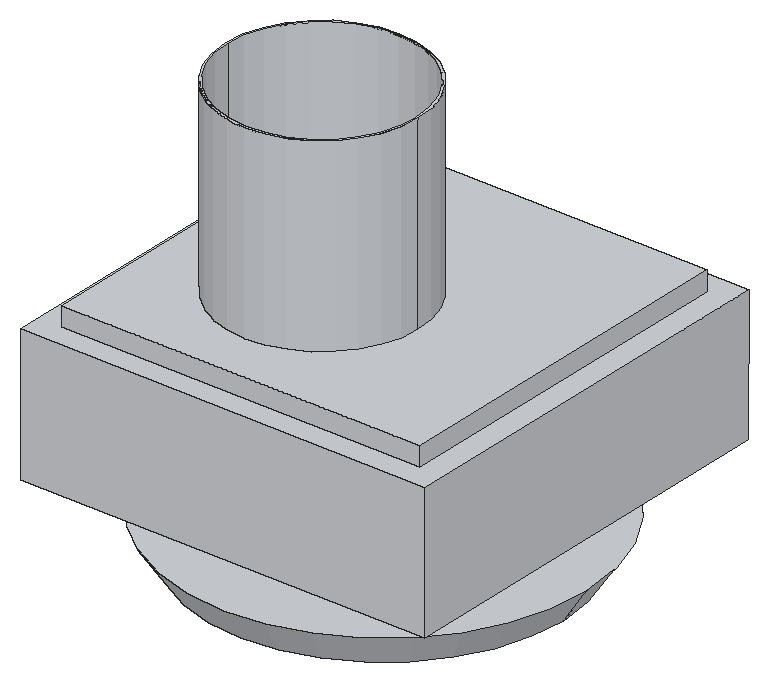
Revit family "57_CRD_ME_BKT_fan", category Mechanical Equipment, Revit 2020
Family settings
  Round Connector Dimension = Use Diameter
  Part Type = Normal
  OmniClass Number = 23.75.00.00
  OmniClass Title = Climate Control (HVAC)
  Work Plane-Based = Yes
  Always vertical = Yes
  Cut with Voids When Loaded = No
  Shared = No
  Room Calculation Point = Yes
Parameters (values of type "BKT fan plafondmodel")
  wandmodel = not(plafondmodel)  # no
  plafondmodel = yes
  maximaal_debiet_Ls [instance] = 23.61 m³  # constant formula
  materiaal = none
  hoogte = 210 mm
  diepte_unit = 70 mm  # constant formula
  diepte_terugslagklep = 53 mm
  diepte_achterplaat = 10 mm  # constant formula
  diepte = 122 mm
  diameter_terugslagklep = 98 mm  # constant formula
  debiet [instance] = 0.0 L/s
  breedte = 210 mm
  Voltage = 230 V
  Power = 15 VA
  Model = "BKT fan"  # constant formula
  Manufacturer = "ClimaRad"  # constant formula
  IfcExportType = "NOTDEFINED"  # constant formula
  IfcExportAs = "IfcAirTerminalBoxType"  # constant formula
  Default Elevation = 1219.2 mm
Types (3, lengths in mm): name | wandmodel | plafondmodel
  (no name) | no | yes
  BKT fan wandmodel | yes | no
  BKT fan plafondmodel | no | yes
Reference planes
  plane 1 "Center (Front/Back)": y = 0
  plane 2: z = 0
  plane 3 "Center (Left/Right)": x = 0
  plane 4: x = -105
  plane 5: x = 105
  plane 6: z = -105
  plane 7: z = 105
  plane 8: y = -10
  plane 9 "front1": y = -80
  plane 10 "voorkant": y = -122
  plane 11: y = 53
  plane 12: z = 18
  plane 13: x = -18
  plane 14 "front2": y = -98
  plane 15 "unit plafondmodel": z = -10
  plane 16 "front 3": z = -80
  plane 17 "front 4": z = -98
  plane 18 "voorkant plafondmodel": z = -122
  plane 19: z = 98
  plane 20: y = 105
  plane 21: y = -105
Forms (mm)
  Extrusion 1, solid, material <- "materiaal", visible <- "wandmodel"
    sketch origin (0, 0, 0) x (1, 0, 0) y (0, 0, 1)
      loop
        circle (-18, 18) r 49
      loop
        circle (-18, 18) r 50
    from 0 to -53
  Extrusion 2, solid, material <- "materiaal", visible <- "wandmodel"
    sketch origin (0, 0, 0) x (1, 0, 0) y (0, 0, 1)
      loop
        line (-105, 105) -> (-105, -105) -> (105, -105) -> (105, 105) -> (-105, 105)
    from 10 to 80
  Blend 3, solid, material <- "materiaal", visible <- "wandmodel"
    base sketch origin (0, -80, 0) x (-1, 0, 0) y (0, 0, 1)
      loop
        line (105, 105) -> (-105, 105) -> (-105, -105) -> (105, -105) -> (105, 105)
    top sketch origin (0, -80, 0) x (-1, 0, 0) y (0, 0, 1)
      loop
        line (76, 76) -> (-40, 76) -> (-40, -40) -> (76, -40) -> (76, 76)
    from 0 to -18
  Blend 4, solid, material <- "materiaal", visible <- "wandmodel"
    base sketch origin (0, -122, 0) x (-1, 0, 0) y (0, 0, 1)
      loop
        circle (0, 0) r 93
    top sketch origin (0, -122, 0) x (-1, 0, 0) y (0, 0, 1)
      loop
        circle (0, 0) r 105
    from 0 to 18
  Extrusion 5, solid, material <- "materiaal", visible <- "wandmodel"
    sketch origin (0, 0, 0) x (1, 0, 0) y (0, 0, 1)
      loop
        line (-93, 93) -> (-93, -93) -> (93, -93) -> (93, 93) -> (-93, 93)
    from 0 to 10
  Extrusion 6, solid, material <- "materiaal", visible <- "plafondmodel"
    sketch origin (0, 0, 0) x (1, 0, 0) y (0, 1, 0)
      loop
        line (-93, 93) -> (-93, -93) -> (93, -93) -> (93, 93) -> (-93, 93)
    from 0 to -10
  Extrusion 7, solid, material <- "materiaal"
    sketch origin (0, 0, -10) x (-1, 0, 0) y (0, -1, 0)
      loop
        line (105, -105) -> (105, 105) -> (-105, 105) -> (-105, -105) -> (105, -105)
    from 0 to -70
  Blend 8, solid, material <- "materiaal", visible <- "plafondmodel"
    base sketch origin (0, 0, -80) x (-1, 0, 0) y (0, -1, 0)
      loop
        line (105, -105) -> (105, 105) -> (-105, 105) -> (-105, -105) -> (105, -105)
    top sketch origin (0, 0, -80) x (-1, 0, 0) y (0, -1, 0)
      loop
        line (76, -40) -> (76, 76) -> (-40, 76) -> (-40, -40) -> (76, -40)
    from 0 to -18
  Blend 9, solid, material <- "materiaal", visible <- "plafondmodel"
    base sketch origin (0, 0, -122) x (-1, 0, 0) y (0, -1, 0)
      loop
        circle (0, 0) r 93
    top sketch origin (0, 0, -122) x (-1, 0, 0) y (0, -1, 0)
      loop
        circle (0, 0) r 105
    from 0 to 18
  Extrusion 10, solid, material <- "materiaal", visible <- "plafondmodel"
    sketch origin (0, -18, 0) x (1, 0, 0) y (0, 1, 0)
      loop
        circle (-18, 0) r 50
      loop
        circle (-18, 0) r 49
    from 0 to 98
Dimensions and locks
  equal spacing: plane 5, plane 3 "Center (Left/Right)", plane 4
  "breedte": plane 5 to plane 4
  equal spacing: plane 7, plane 2, plane 6
  "hoogte": plane 7 to plane 6
  "diepte_achterplaat": plane 1 "Center (Front/Back)" to plane 8
  "diepte_unit": plane 8 to plane 9 "front1"
  "diepte": plane 1 "Center (Front/Back)" to plane 10 "voorkant"
  "diepte_terugslagklep": plane 11 to plane 1 "Center (Front/Back)"
  plane 12 to plane 2 = 18 mm
  locked: plane 3 "Center (Left/Right)" to plane 13 at 18
  locked: plane 9 "front1" to plane 14 "front2" at 18
  "diameter_terugslagklep": plane 19 to plane 2
  "diepte_achterplaat": plane 2 to plane 15 "unit plafondmodel"
  "diepte_unit": plane 15 "unit plafondmodel" to plane 16 "front 3"
  locked: plane 16 "front 3" to plane 17 "front 4" at 18
  "diepte": plane 2 to plane 18 "voorkant plafondmodel"
  equal spacing: plane 21, plane 1 "Center (Front/Back)", plane 20
  "hoogte": plane 20 to plane 21
  locked: plane 4 to Extrusion 6 sketch curve at 12
  locked: Extrusion 6 sketch curve to plane 20 at 12
  locked: Extrusion 6 sketch curve to plane 5 at 12
  locked: Extrusion 6 sketch curve to plane 21 at 12
  "diameter_terugslagklep": diameter of Extrusion 1 sketch curve
  "diameter_terugslagklep": diameter of Extrusion 10 sketch curve
  aligned and locked: level to plane 2
  aligned and locked: plane 11 to Extrusion 1
  aligned and locked: plane 7 to Extrusion 2 sketch curve
  aligned and locked: plane 4 to Extrusion 2 sketch curve
  aligned and locked: plane 6 to Extrusion 2 sketch curve
  aligned and locked: plane 5 to Extrusion 2 sketch curve
  aligned and locked: Extrusion 2 to plane 9 "front1"
  aligned and locked: plane 5 to Blend 3 sketch curve
  aligned and locked: plane 7 to Blend 3 sketch curve
  aligned and locked: plane 4 to Blend 3 sketch curve
  aligned and locked: plane 6 to Blend 3 sketch curve
  aligned and locked: plane 8 to Extrusion 2
  aligned and locked: Extrusion 5 to plane 8
  aligned and locked: Extrusion 6 to plane 15 "unit plafondmodel"
  aligned and locked: plane 5 to Extrusion 7 sketch curve
  aligned and locked: plane 4 to Extrusion 7 sketch curve
  aligned and locked: Extrusion 7 sketch curve to plane 20
  aligned and locked: plane 21 to Extrusion 7 sketch curve
  aligned and locked: Extrusion 7 to plane 16 "front 3"
  aligned and locked: plane 5 to Blend 8 sketch curve
  aligned and locked: Blend 8 sketch curve to plane 20
  aligned and locked: plane 4 to Blend 8 sketch curve
  aligned and locked: plane 21 to Blend 8 sketch curve
  aligned and locked: plane 19 to Extrusion 10
Automatic sketch dimensions
  plane 3 "Center (Left/Right)" to Blend 3 sketch curve = 40 mm
  plane 4 to Blend 3 sketch curve = 29 mm
  Blend 3 sketch curve to level = 40 mm
  plane 7 to Blend 3 sketch curve = 29 mm
  Blend 4 sketch curve to level = 0 mm  (x2)
  Blend 4 sketch curve to plane 3 "Center (Left/Right)" = 0 mm  (x2)
  plane 4 to Extrusion 5 sketch curve = 12 mm
  plane 5 to Extrusion 5 sketch curve = 12 mm
  plane 6 to Extrusion 5 sketch curve = 12 mm
  plane 7 to Extrusion 5 sketch curve = 12 mm
  Blend 8 sketch curve to plane 20 = 65 mm
  plane 4 to Blend 8 sketch curve = 29 mm
  plane 3 "Center (Left/Right)" to Blend 8 sketch curve = 40 mm
  Blend 8 sketch curve to plane 8 = 66 mm
  plane 1 "Center (Front/Back)" to Blend 9 sketch curve = 0 mm  (x2)
  Blend 9 sketch curve to plane 3 "Center (Left/Right)" = 0 mm  (x2)
  Extrusion 1 sketch curve to Extrusion 1 sketch curve = 0 mm  (x2)
  Extrusion 1 sketch curve to plane 12 = 0 mm
  Extrusion 1 sketch curve to plane 13 = 0 mm
  Extrusion 10 sketch curve to Extrusion 10 sketch curve = 0 mm  (x2)
  Extrusion 10 sketch curve to plane 13 = 0 mm
  Extrusion 10 sketch curve to plane 8 = 8 mm
  radius of Blend 4 sketch curve = 93 mm
  radius of Blend 4 sketch curve = 105 mm
  radius of Blend 9 sketch curve = 93 mm
  radius of Blend 9 sketch curve = 105 mm
  radius of Extrusion 1 sketch curve = 50 mm
  radius of Extrusion 10 sketch curve = 50 mm
Connectors
  electrical at (0, 0, 0), driven by "Voltage", driven by "Power"
    settings: on Extrusion 5, index 1, voltage 230 V, apparent load 15 VA, apparent load phase1 0 VA, apparent load phase2 0 VA, apparent load phase3 0 VA, power factor 1, load classification "Other", number of poles 1, system type 30, power factor state 1, is connector primary yes, connector utility no, sub classification motor no, connector description ""
  hvac at (-18, 0, 18), driven by "diameter_terugslagklep", driven by "debiet"
    settings: on Extrusion 1, index 2, duct flow 0.0 L/s, flow factor 0, pres drop 0.0 Pa, loss coef 0, conn angle 0.00°, conn width 304.8 mm, conn height 304.8 mm, conn diameter 98 mm, duct sys type 3, conn prof type 0, flow config 1, flow direction 2, loss method 0, conn ref index -1, conn util no, is conn primary yes, conn desc ""
  hvac at (-18, -18, 0), driven by "diameter_terugslagklep", driven by "debiet"
    settings: on Extrusion 10, index 3, duct flow 0.0 L/s, flow factor 0, pres drop 0.0 Pa, loss coef 0, conn angle 0.00°, conn width 304.8 mm, conn height 304.8 mm, conn diameter 98 mm, duct sys type 3, conn prof type 0, flow config 1, flow direction 2, loss method 0, conn ref index -1, conn util no, is conn primary no, conn desc ""
